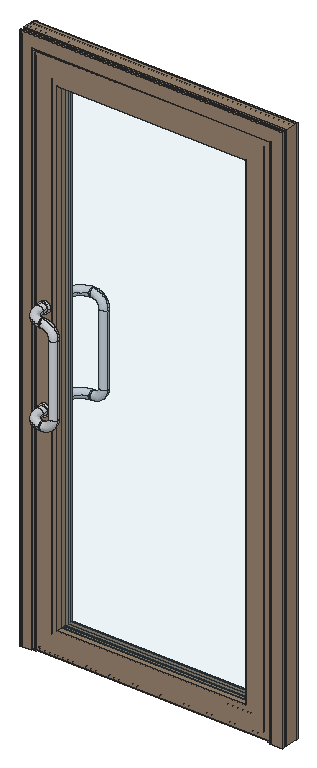
Revit family "2_Дверь внутреннего открывания одностворчатая_V72-D01", category Двери, Revit 2019
Family settings
  Основа = Стена
  Номер OmniClass = 23.30.20.17.11
  Заголовок OmniClass = Fixed Windows
  Всегда вертикально = Да
  При загрузке вырезать с полостями = Нет
  Общий = Нет
  Точка расчета площади = Нет
Parameters (values of type "V72 Дверь одностворчатая (внутр)")
  Width [instance] = 0.00 mm  # constant formula
  Направление открывания [instance] = СТВОРКА дверная внутр : Поворотная лево
  Монтажный зазор.Верх [instance] = 25.00 mm
  VIDNAL_Ширина проема [instance] = ADSK_Ширина рамы + Монтажный зазор.Правый + Монтажный зазор.Левый  # 1050.00 mm
  VIDNAL_Цвет конструкции = ""
  VIDNAL_Фурнитура [instance] = ""
  VIDNAL_Формула стеклопакета [instance] = ""
  VIDNAL_Толщина стеклопакета [instance] = ""
  VIDNAL_Сопротивление ветровой нагрузке = ""
  VIDNAL_Система профилей [instance] = "V72"  # constant formula
  VIDNAL_Площадь изделия [instance] = ADSK_Ширина рамы * ADSK_Высота рамы  # 2.10 m²
  VIDNAL_Звукоизоляция [instance] = ""
  VIDNAL_Глубина вставки [instance] = 150.00 mm
  VIDNAL_Высота ручки = 1000.00 mm
  VIDNAL_Высота проема [instance] = ADSK_Высота рамы + Монтажный зазор.Верх  # 2125.00 mm
  Глубина профиля [instance] = 72.00 mm  # constant formula
  Rough Width = 0.00 mm  # constant formula
  Rough Height = 0.00 mm  # constant formula
  Описание = "Окно"
  Обозначение = "ГОСТ 23747-2015"
  Наименование = ""
  Монтажный зазор.Правый [instance] = 25.00 mm
  Монтажный зазор.Левый [instance] = 25.00 mm
  Марка проема [instance] = ""
  Model = ""
  Стекло = АС_Стекло
  Рама = Aluminum
  Type Comments = ""
  Assembly Code = ""
  Wall Closure = (empty or 0)
  Height [instance] = 0.00 mm  # constant formula
  Аналитическая конструкция = "<Нет>"
  VIDNAL_Возухопроницаемость [instance] = ""
  VIDNAL_Водонепроницаемость [instance] = ""
  VIDNAL_Rприв. профиля со стеклопакетом [instance] = ""
  ADSK_Ширина рамы [instance] = 1000.00 mm
  ADSK_Позиция [instance] = ""
  ADSK_Завод-изготовитель [instance] = "VIDNAL"  # constant formula
  ADSK_Высота рамы [instance] = 2100.00 mm
Reference planes
  plane 1 "Глубина профиля": y = -112
  plane 2: z = 0
  plane 3 "Слева": x = -922.6
  plane 4 "Справа": x = 127.4
  plane 5 "низ створки": z = 9
  plane 6 "ВЕРХ": z = 2125
  plane 7 "Внутренняя": y = -190
  plane 8 "Вставка двери": y = -40
  plane 9 "рама лев": x = -897.6
  plane 10 "рама прав": x = 102.4
  plane 11 "рама верх": z = 2100
  plane 12: y = 190
  plane 13 "верх створки": z = 2050
  plane 14 "низ порога": z = 0
  plane 15 "р": x = -847.6
  plane 16 "с": x = 52.4
Forms (mm)
  Extrusion 1, void, detail levels medium+fine
    sketch origin (0, 38, 0) x (0, 0, 1) y (-1, 0, 0)
      loop
        line (2125, -127.4) -> (2125, 922.6) -> (0, 922.6) -> (0, -127.4) -> (2125, -127.4)
    from -152 to 228
  Sweep 2, solid, material "Aluminum" <- "Рама"
    path origin (0, -40, 0) x (0, 0, -1) y (-1, 0, 0)
      loop
        line (0, 897.6) -> (-2100, 897.6) -> (-2100, -102.4) -> (0, -102.4)
    profile "Рама_дверь_внутр_142-242 : Рама_дверь_внутр_142-242" origin (-897.6, -40, 1050) x (1, 0, 0) y (0, 1, 0)
      loop
        line (49.975, -63.75) -> (49.975, -67.8) -> (59, -67.8) -> (59, -66.672) -> (51.61, -66.672) -> (51.61, -64.801) -> (57, -64.801) -> (57, -62) -> (52, -62) -> (52, -8.3) -> (47, -8.3) -> (47, -1.5) -> (62, -1.5) -> (62, -5.163) -> (68.056, -5.163) -> (68.056, -7.126) -> (64, -7.126) -> (64, -8.25) -> (69, -8.25) -> (69, 0) -> (47, 0) -> (0, 0) -> (0, -2.5) -> (1.5, -2.5) -> (1.5, -1.5) -> (5, -1.5) -> (5, -8.5) -> (1.5, -8.5) -> (1.5, -7.5) -> (0, -7.5) -> (0, -53.903) -> (2, -53.903) -> (2, -52) -> (5, -52) -> (5, -70.25) -> (2, -70.25) -> (2, -67.995) -> (0, -67.995) -> (0, -72) -> (47, -72) -> (47, -63.75) -> (49.975, -63.75)
      loop
        line (45.25, -8.2) -> (45.25, -1.8) -> (6.75, -1.8) -> (6.75, -8.2) -> (45.25, -8.2)
      loop
        line (9.375, -10) -> (1.836, -16.171) -> (1.836, -29.761) -> (9.375, -36) -> (42.625, -36) -> (50.138, -29.758) -> (50.138, -16.442) -> (42.625, -10) -> (9.375, -10)
      loop
        line (45.25, -70.2) -> (45.25, -62.15) -> (50.25, -62.15) -> (50.25, -37.8) -> (1.75, -37.8) -> (1.75, -50.4) -> (6.75, -50.4) -> (6.75, -70.2) -> (45.25, -70.2)
  Sweep 3, solid, material "Алюминий"
    path origin (0, -40, 0) x (0, 0, -1) y (-1, 0, 0)
      loop
        line (0, 845.6) -> (0, -50.4)
    profile "Порог_174-174 : Порог_174-174" origin (-397.6, -40, 0) x (0, 0, -1) y (0, 1, 0)
      loop
        line (-12.138, -40.964) -> (-6.993, -44.704) -> (-1.849, -40.961) -> (-1.849, -27.442) -> (-6.993, -23.699) -> (-12.138, -27.444) -> (-12.138, -40.964)
      loop
        line (-16, -67.792) -> (-7.331, -67.792) -> (-7.331, -63.703) -> (0, -63.703) -> (0, -62.08) -> (-1.001, -62.08) -> (-1.001, -49.003) -> (0, -49.003) -> (0, -19.4) -> (-1.001, -19.4) -> (-1.001, -6.323) -> (0, -6.323) -> (0, -4.7) -> (-14, -4.7) -> (-13.938, -10.173) -> (-23.3, -10.173) -> (-23.3, -18.099) -> (-14, -18.099) -> (-14, -64.793) -> (-9, -64.793) -> (-9, -66.646) -> (-16, -66.646) -> (-16, -67.792)
      loop
        arc (-7.68, -15.726) -> (-7, -19.4) -> (-6.32, -15.726) r 1.9
        line (-6.32, -15.726) -> (-5.134, -14.539)
        arc (-5.134, -14.539) -> (-3.582, -16.746) -> (-4.061, -19.4) r 3.5
        line (-4.061, -19.4) -> (-2.5, -19.4) -> (-2.5, -6.498) -> (-11.8, -6.498) -> (-11.8, -19.4) -> (-9.94, -19.4)
        arc (-9.94, -19.4) -> (-10.418, -16.746) -> (-8.867, -14.539) r 3.5
        line (-8.867, -14.539) -> (-7.68, -15.726)
      loop
        line (-7.68, -52.677) -> (-8.867, -53.864)
        arc (-8.867, -53.864) -> (-10.418, -51.658) -> (-9.94, -49.003) r 3.5
        line (-9.94, -49.003) -> (-11.8, -49.003) -> (-11.8, -61.905) -> (-2.5, -61.905) -> (-2.5, -49.003) -> (-4.061, -49.003)
        arc (-4.061, -49.003) -> (-3.582, -51.658) -> (-5.134, -53.864) r 3.5
        line (-5.134, -53.864) -> (-6.32, -52.677)
        arc (-6.32, -52.677) -> (-7, -49.003) -> (-7.68, -52.677) r 1.9
Lines and regions (mm)
  symbolic lines, detail levels fine
    curve 1: line (-163.1, -40, 9) -> (-163.1, -112, 9)
    curve 4: line (-163.1, -40, 2125) -> (-163.1, -112, 2125)
    curve 6: line (-163.1, -112, 2100) -> (-163.1, -40, 2100)
  symbolic lines
    curve 2: line (-163.1, -40, 49) -> (-163.1, -40, 9)
    curve 3: line (-163.1, -112, 9) -> (-163.1, -112, 49)
    curve 5: line (-163.1, -40, 2100) -> (-163.1, -40, 2125)
    curve 7: line (-163.1, -112, 2125) -> (-163.1, -112, 2100)
  symbolic lines, detail levels coarse
    curve 8: line (127.4, -40, 2125) -> (127.4, -40, 9)
    curve 9: line (127.4, -112, 2125) -> (127.4, -112, 9)
Text (mm)
  text "Наружный" at (-2011.448, 646.123, 0), in view "Линия этажа"
  text "Внутренний" at (-2011.448, -562.523, 0), in view "Линия этажа"
  text "Наружный" at (0, 1108.87, 3415.022), in view "Слева"
  text "Наружный" at (0, 464.664, 3176.206), in view "Справа"
Dimensions and locks
  plane 3 "Слева" to plane 4 "Справа" = 1050.00 mm
  "Монтажный зазор.Правый": plane 10 "рама прав" to plane 4 "Справа"
  plane 5 "низ створки" to plane 5 "низ створки" = 0.00 mm
  "ADSK_Ширина рамы": plane 9 "рама лев" to plane 10 "рама прав"
  "Монтажный зазор.Левый": plane 3 "Слева" to plane 9 "рама лев"
  "Монтажный зазор.Верх": plane 11 "рама верх" to plane 6 "ВЕРХ"
  "VIDNAL_Глубина вставки": plane 8 "Вставка двери" to plane 7 "Внутренняя"
  "Глубина профиля": plane 8 "Вставка двери" to plane 1 "Глубина профиля"
  plane 9 "рама лев" to plane 15 "р" = 50.00 mm
  plane 16 "с" to plane 10 "рама прав" = 50.00 mm
  plane 11 "рама верх" to plane 13 "верх створки" = 50.00 mm
  plane 14 "низ порога" to plane 2 = 0.00 mm
  plane 5 "низ створки" to plane 2 = 9.00 mm
  "ADSK_Высота рамы": plane 11 "рама верх" to plane 2
  nested 1 to plane 14 "низ порога" = 9.00 mm
  aligned and locked: plane 7 "Внутренняя" to host wall
  aligned and locked: plane 8 "Вставка двери" to curve 5
  aligned and locked: level to plane 2
  aligned and locked: host wall to Extrusion 1  (x2)
  aligned and locked: plane 4 "Справа" to Extrusion 1 sketch curve
  aligned and locked: nested 1 to plane 8 "Вставка двери"
  aligned and locked: plane 15 "р" to nested 1
  aligned and locked: plane 16 "с" to nested 1
  aligned and locked: nested 1 to plane 13 "верх створки"
  aligned and locked: curve 1 to nested 1
  aligned and locked: plane 14 "низ порога" to level
  aligned and locked: plane 5 "низ створки" to nested 1
Automatic sketch dimensions
  Extrusion 1 sketch curve to level = 0.00 mm
  plane 3 "Слева" to Extrusion 1 sketch curve = 0.00 mm
  Extrusion 1 sketch curve to plane 6 "ВЕРХ" = 0.00 mm
  curve 5 to plane 8 "Вставка двери" = 0.00 mm
  plane 5 "низ створки" to curve 8 = 0.00 mm
  curve 8 to plane 8 "Вставка двери" = 0.00 mm
  curve 9 to plane 1 "Глубина профиля" = 0.00 mm
  plane 5 "низ створки" to curve 9 = 0.00 mm
  plane 6 "ВЕРХ" to curve 9 = 0.00 mm
  plane 6 "ВЕРХ" to curve 8 = 0.00 mm
  curve 1 to plane 1 "Глубина профиля" = 0.00 mm
  curve 7 to plane 1 "Глубина профиля" = 0.00 mm
  curve 2 to plane 8 "Вставка двери" = 0.00 mm
  curve 7 to plane 11 "рама верх" = 0.00 mm
  plane 6 "ВЕРХ" to curve 4 = 0.00 mm
  Sweep 2 sketch curve to plane 9 "рама лев" = 0.00 mm
  plane 10 "рама прав" to Sweep 2 sketch curve = 0.00 mm
  Sweep 2 sketch curve to plane 11 "рама верх" = 0.00 mm
  Sweep 2 sketch curve to level = 0.00 mm  (x2)
  Sweep 3 sketch curve to plane 14 "низ порога" = 0.00 mm
  plane 16 "с" to Sweep 3 sketch curve = 2.00 mm
  plane 15 "р" to Sweep 3 sketch curve = 2.00 mm
  curve 3 to plane 5 "низ створки" = 40.00 mm
  curve 2 to plane 5 "низ створки" = 40.00 mm
Nested families
  nested 1: "СТВОРКА дверная внутр" at (-847.6, -40, 9), type "Поворотная право"
    with Створка.Ширина 900.00 mm, Створка.Высота 2041.00 mm, Высота импоста 1000.00 mm, VIDNAL_Высота ручки 1005.50 mm
Definition of nested family "СТВОРКА дверная внутр"
  Parameters (values of type "Поворотная лево")
    отк лев = yes
    от пр = no
    Стекло = none
    Створка.Ширина [instance] = 800.00 mm
    Створка.Высота [instance] = 1800.00 mm
    Створка VIDNAL = none
    Ручка.Справа = yes
    Ручка.Слева = no
    Открытие = yes
    Габариты заполнения = 73.00 mm
    Высота импоста [instance] = 900.00 mm
    Analytic Construction = "<Нет>"
    VIDNAL_Высота ручки [instance] = 1000.00 mm
  Types (2, lengths in mm): name | отк лев | от пр | Ручка.Справа | Ручка.Слева
    Поворотная право | no | yes | no | yes
    Поворотная лево | yes | no | yes | no
  Reference planes
    plane 1 "Center (Front/Back)": y = 0
    plane 2 "Bottom": z = 0
    plane 3 "Left": x = 0
    plane 4 "Right": x = 800
    plane 5 "Top": z = 1800
    plane 6 "ось": z = 900
    plane 7: x = 73
    plane 8: x = 727
    plane 9: y = -8
    plane 10: y = -52
    plane 11: z = 1727
    plane 12: z = 73
    plane 13 "ручка прав": x = 754
    plane 14 "ручка лев": x = 46
    plane 15: z = 1000
    plane 16: x = 91
    plane 17: x = 709
  Forms (mm)
    Extrusion 1, solid, material <- "Стекло"
      sketch origin (0, 0, -100) x (1, 0, 0) y (0, 0, 1)
        loop
          line (73, 173) -> (727, 173) -> (727, 1827) -> (73, 1827) -> (73, 173)
      from 52 to 8
    Sweep 2, solid
      path origin (0, 0, 0) x (1, 0, 0) y (0, 0, 1)
        loop
          line (0, 1800) -> (0, 0) -> (800, 0) -> (800, 1800) -> (0, 1800)
      profile "Профиль_Створка_дверь_внутр_161-241 : Створка_дверь_внутр_161-241" origin (400, 0, 1800) x (0, 0, 1) y (0, -1, 0)
        loop
          line (-22, 8.25) -> (-12, 8.25) -> (-12, 10) -> (-17, 10) -> (-17, 63.7) -> (-22, 63.7) -> (-22, 70.5) -> (-7, 70.5) -> (-7, 67.8) -> (0, 67.8) -> (0, 72) -> (-22, 72) -> (-91, 72) -> (-91, 53.119) -> (-91, 52) -> (-83.992, 52) -> (-84, 53.119) -> (-84, 59.213) -> (-74.325, 53.6) -> (-69, 53.6) -> (-69, 8.3) -> (-64, 8.3) -> (-64, 1.5) -> (-84, 1.5) -> (-84, 3.2) -> (-82.5, 3.2) -> (-82.5, 4.2) -> (-84.631, 4.2) -> (-84.631, 8) -> (-90.967, 8) -> (-90.967, 0) -> (-22, 0) -> (-22, 8.25)
        loop
          line (-18.848, 16.171) -> (-18.848, 29.761) -> (-26.388, 36) -> (-59.637, 36) -> (-67.15, 29.758) -> (-67.15, 16.442) -> (-59.637, 10) -> (-26.388, 10) -> (-18.848, 16.171)
        loop
          line (-62.25, 1.8) -> (-23.75, 1.8) -> (-23.75, 8.2) -> (-62.25, 8.2) -> (-62.25, 1.8)
        loop
          line (-18.75, 37.8) -> (-18.75, 62.1) -> (-23.75, 62.1) -> (-23.75, 70.2) -> (-62.25, 70.2) -> (-62.25, 50.4) -> (-67.25, 50.4) -> (-67.25, 37.8) -> (-18.75, 37.8)
        loop
          line (-74.002, 54.8) -> (-64, 54.8) -> (-64, 66.8) -> (-70.7, 66.8) -> (-70.7, 70.6) -> (-89.6, 70.6) -> (-89.6, 60.6) -> (-84, 60.6) -> (-74.002, 54.8)
  Lines and regions (mm)
    symbolic lines, not visible
      curve 1: line (400, 0, 950) -> (400, 0, 850)
      curve 2: line (350, 0, 900) -> (450, 0, 900)
    symbolic lines, visible <- "от пр"
      curve 3: line (710, -75, 1710) -> (90, -75, 900)
      curve 4: line (90, -75, 900) -> (710, -75, 90)
    symbolic lines, visible <- "отк лев"
      curve 5: line (90, -75, 90) -> (710, -75, 900)
      curve 6: line (710, -75, 900) -> (90, -75, 1710)
  Dimensions and locks
    "Створка.Ширина": plane 4 "Right" to plane 3 "Left"
    "Створка.Высота": plane 5 "Top" to plane 2 "Bottom"
    equal spacing: plane 3 "Left", curve 1, plane 4 "Right"
    equal spacing: plane 5 "Top", curve 2, plane 2 "Bottom"
    locked: plane 9 to plane 1 "Center (Front/Back)" at 8
    "Габариты заполнения": plane 3 "Left" to plane 7
    "Габариты заполнения": plane 8 to plane 4 "Right"
    "Габариты заполнения": plane 12 to plane 2 "Bottom"
    "Габариты заполнения": plane 5 "Top" to plane 11
    plane 14 "ручка лев" to plane 3 "Left" = 46.00 mm
    plane 13 "ручка прав" to plane 4 "Right" = 46.00 mm
    locked: plane 3 "Left" to plane 14 "ручка лев" at 46
    "VIDNAL_Высота ручки": plane 15 to plane 2 "Bottom"
    plane 3 "Left" to plane 16 = 91.00 mm
    plane 17 to plane 4 "Right" = 91.00 mm
    locked: plane 13 "ручка прав" to plane 4 "Right" at 46
    equal spacing: plane 5 "Top", plane 6 "ось", plane 2 "Bottom", locked at 900 each
    aligned and locked: level to plane 2 "Bottom"
    aligned and locked: plane 6 "ось" to curve 4
    aligned and locked: plane 6 "ось" to curve 6
    aligned and locked: Extrusion 1 to plane 7
    aligned and locked: Extrusion 1 to plane 9
    aligned and locked: Extrusion 1 to plane 10
    aligned and locked: plane 8 to Extrusion 1
    aligned and locked: Extrusion 1 to plane 12
    aligned and locked: plane 11 to Extrusion 1
    aligned and locked: nested 1 to plane 14 "ручка лев"
    aligned and locked: nested 1 to plane 15
    aligned and locked: plane 15 to nested 2
    aligned and locked: plane 13 "ручка прав" to nested 2
    aligned and locked: plane 14 "ручка лев" to nested 3
    aligned and locked: nested 4 to plane 13 "ручка прав"
    aligned and locked: plane 15 to nested 3
    aligned and locked: nested 4 to plane 15
  Automatic sketch dimensions
    plane 7 to Extrusion 1 sketch curve = 0.00 mm
    Extrusion 1 sketch curve to plane 8 = 0.00 mm
    Extrusion 1 sketch curve to plane 12 = 0.00 mm
    Extrusion 1 sketch curve to plane 11 = 0.00 mm
    plane 7 to curve 6 = 17.00 mm
    plane 7 to curve 5 = 17.00 mm
    plane 7 to curve 4 = 17.00 mm
    curve 5 to plane 8 = 17.00 mm
    curve 3 to plane 8 = 17.00 mm
    plane 12 to curve 5 = 17.00 mm
    plane 12 to curve 4 = 17.00 mm
    curve 3 to plane 11 = 17.00 mm
    curve 4 to plane 8 = 17.00 mm
    curve 6 to plane 11 = 17.00 mm
    Sweep 2 sketch curve to level = 0.00 mm
    Sweep 2 sketch curve to plane 3 "Left" = 0.00 mm
    plane 4 "Right" to Sweep 2 sketch curve = 0.00 mm
    Sweep 2 sketch curve to plane 5 "Top" = 0.00 mm
    curve 1 to plane 6 "ось" = 50.00 mm
    plane 6 "ось" to curve 1 = 50.00 mm
    curve 2 to curve 1 = 50.00 mm
    curve 1 to curve 2 = 50.00 mm
  Nested families
    nested 1: "Ручка дверная прямоугольная" at (46, -82, 889.834), visible <- "Ручка.Слева", type "Ручка дверная прямоугольная"
      with Ручка высота установки 110.166 mm
    nested 2: "Ручка дверная прямоугольная" at (754, -82, 889.834) x (-1, 0, 0) z (0, 0, 1), visible <- "Ручка.Справа", type "Ручка дверная прямоугольная"
      with Ручка высота установки 110.166 mm
    nested 3: "Ручка дверная прямоугольная" at (46, 10, 889.834), visible <- "Ручка.Слева", type "Ручка дверная прямоугольная"
      with Ручка высота установки 110.166 mm
    nested 4: "Ручка дверная прямоугольная" at (754, 10, 889.834) x (-1, 0, 0) z (0, 0, 1), visible <- "Ручка.Справа", type "Ручка дверная прямоугольная"
      with Ручка высота установки 110.166 mm
  Definition of nested family "Ручка дверная прямоугольная"
    Parameters (values of type "Ручка дверная прямоугольная")
      Ручка высота установки [instance] = 110.166 mm
    Reference planes
      plane 1 "По центру (Вперед/Назад)": y = 0
      plane 2: z = 0
      plane 3 "По центру (Влево/Вправо)": x = 0
      plane 4: y = -10
      plane 5 "1": x = 55
      plane 6 "2": y = 74
      plane 7 "Высота ручки": z = 110.166
    Forms (mm)
      Extrusion 1, solid
        sketch origin (0, 0, 0) x (1, 0, 0) y (0, 0, 1)
          loop
            circle (0, 285.166) r 20
        from 0 to 10
      Extrusion 2, solid
        sketch origin (0, 0, 0) x (1, 0, 0) y (0, 0, 1)
          loop
            circle (0, -64.834) r 20
        from 0 to 10
      Sweep 3, solid
        path origin (0, 0, 0) x (1, 0, 0) y (0, 1, 0)
          loop
            line (0, 0) -> (0, 20)
            arc (0, 20) -> (15.816, 58.184) -> (54, 74) r 54
            line (54, 74) -> (55, 74)
        profile origin (0, 10, 0) x (-1, 0, 0) y (0, 0, 1)
          loop
            circle (0, 285.166) r 15
          loop
            circle (0, -64.834) r 15
      Sweep 4, solid
        path origin (0, 74, 0) x (-1, 0, 0) y (0, 0, 1)
          loop
            line (-55, 285.166) -> (-60, 285.166)
            arc (-60, 285.166) -> (-88.284, 273.45) -> (-100, 245.166) r 40
            line (-100, 245.166) -> (-100, -24.834)
            arc (-100, -24.834) -> (-88.284, -53.118) -> (-60, -64.834) r 40
            line (-60, -64.834) -> (-55, -64.834)
        profile origin (57.5, 74, 285.166) x (0, 0, -1) y (0, 1, 0)
          loop
            circle (0, 0) r 15
    Dimensions and locks
      plane 1 "По центру (Вперед/Назад)" to plane 4 = 10.00 mm
      locked: plane 4 to plane 6 "2" at 84
      locked: plane 3 "По центру (Влево/Вправо)" to plane 5 "1" at 55
      locked: Extrusion 1 sketch curve to plane 7 "Высота ручки" at 175
      locked: plane 7 "Высота ручки" to Extrusion 2 sketch curve at 175
      locked: Sweep 3 sketch curve to plane 7 "Высота ручки" at 175
      locked: plane 7 "Высота ручки" to Sweep 3 sketch curve at 175
      "Ручка высота установки": plane 7 "Высота ручки" to level
      locked: Sweep 4 sketch curve to Sweep 4 sketch curve at 350
      locked: Sweep 4 sketch curve to Sweep 4 sketch curve at 45  (x2)
      Sweep 4 sketch curve to plane 7 "Высота ручки" = 175.00 mm
      locked: Sweep 4 sketch curve to plane 3 "По центру (Влево/Вправо)" at 100
      aligned and locked: level to plane 2
      aligned and locked: plane 4 to Extrusion 1
      aligned and locked: plane 4 to Extrusion 2
    Automatic sketch dimensions
      Extrusion 1 sketch curve to plane 3 "По центру (Влево/Вправо)" = 0.00 mm
      Extrusion 2 sketch curve to plane 3 "По центру (Влево/Вправо)" = 0.00 mm
      Sweep 3 sketch curve to plane 3 "По центру (Влево/Вправо)" = 0.00 mm
      Sweep 3 sketch curve to plane 6 "2" = 0.00 mm
      Sweep 3 sketch curve to plane 5 "1" = 0.00 mm
      plane 1 "По центру (Вперед/Назад)" to Sweep 3 sketch curve = 0.00 mm
      Sweep 3 sketch curve to plane 5 "1" = 1.00 mm
      Sweep 3 sketch curve to profile plane = 0.00 mm  (x2)
      Sweep 4 sketch curve to plane 6 "2" = 0.00 mm
      Sweep 4 sketch curve to profile plane = 0.00 mm
      plane 5 "1" to Sweep 4 sketch curve = 5.00 mm  (x2)
      radius of Extrusion 1 sketch curve = 20.00 mm
      radius of Extrusion 2 sketch curve = 20.00 mm
      radius of Sweep 3 sketch curve = 15.00 mm  (x2)
      radius of Sweep 4 sketch curve = 15.00 mm
